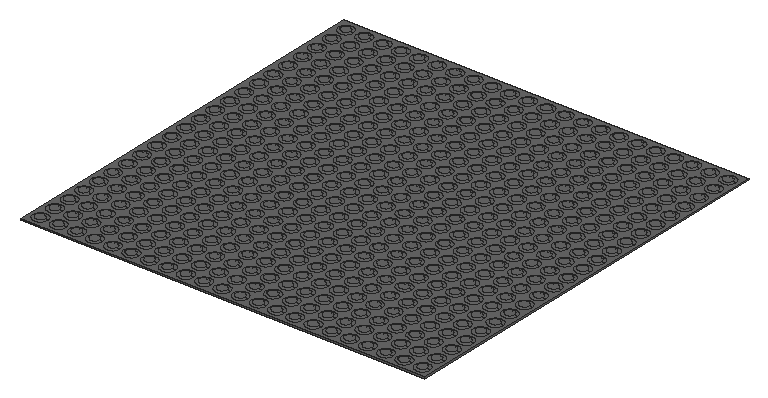
Revit family "141012027113804", category Modelos genéricos, Revit 2018 (continued)
Forms (mm)
  Blend 363, solid, material "Goma negro" <- "Material"
    base sketch origin (-226.184, 554.773, 0) x (1, 0, 0) y (0, 1, 0)
      loop
        circle (793.684, -307.273) r 17.5
    top sketch origin (-226.184, 554.773, 0) x (1, 0, 0) y (0, 1, 0)
      loop
        circle (793.684, -307.273) r 12.5
    from 0 to 1
  Blend 364, solid, material "Goma negro" <- "Material"
    base sketch origin (-271.184, 554.773, 0) x (1, 0, 0) y (0, 1, 0)
      loop
        circle (793.684, -307.273) r 17.5
    top sketch origin (-271.184, 554.773, 0) x (1, 0, 0) y (0, 1, 0)
      loop
        circle (793.684, -307.273) r 12.5
    from 0 to 1
  Blend 365, solid, material "Goma negro" <- "Material"
    base sketch origin (-316.184, 554.773, 0) x (1, 0, 0) y (0, 1, 0)
      loop
        circle (793.684, -307.273) r 17.5
    top sketch origin (-316.184, 554.773, 0) x (1, 0, 0) y (0, 1, 0)
      loop
        circle (793.684, -307.273) r 12.5
    from 0 to 1
  Blend 366, solid, material "Goma negro" <- "Material"
    base sketch origin (-361.184, 554.773, 0) x (1, 0, 0) y (0, 1, 0)
      loop
        circle (793.684, -307.273) r 17.5
    top sketch origin (-361.184, 554.773, 0) x (1, 0, 0) y (0, 1, 0)
      loop
        circle (793.684, -307.273) r 12.5
    from 0 to 1
  Blend 367, solid, material "Goma negro" <- "Material"
    base sketch origin (-406.184, 554.773, 0) x (1, 0, 0) y (0, 1, 0)
      loop
        circle (793.684, -307.273) r 17.5
    top sketch origin (-406.184, 554.773, 0) x (1, 0, 0) y (0, 1, 0)
      loop
        circle (793.684, -307.273) r 12.5
    from 0 to 1
  Blend 368, solid, material "Goma negro" <- "Material"
    base sketch origin (-451.184, 554.773, 0) x (1, 0, 0) y (0, 1, 0)
      loop
        circle (793.684, -307.273) r 17.5
    top sketch origin (-451.184, 554.773, 0) x (1, 0, 0) y (0, 1, 0)
      loop
        circle (793.684, -307.273) r 12.5
    from 0 to 1
  Blend 369, solid, material "Goma negro" <- "Material"
    base sketch origin (-496.184, 554.773, 0) x (1, 0, 0) y (0, 1, 0)
      loop
        circle (793.684, -307.273) r 17.5
    top sketch origin (-496.184, 554.773, 0) x (1, 0, 0) y (0, 1, 0)
      loop
        circle (793.684, -307.273) r 12.5
    from 0 to 1
  Blend 370, solid, material "Goma negro" <- "Material"
    base sketch origin (-541.184, 554.773, 0) x (1, 0, 0) y (0, 1, 0)
      loop
        circle (793.684, -307.273) r 17.5
    top sketch origin (-541.184, 554.773, 0) x (1, 0, 0) y (0, 1, 0)
      loop
        circle (793.684, -307.273) r 12.5
    from 0 to 1
  Blend 371, solid, material "Goma negro" <- "Material"
    base sketch origin (-586.184, 554.773, 0) x (1, 0, 0) y (0, 1, 0)
      loop
        circle (793.684, -307.273) r 17.5
    top sketch origin (-586.184, 554.773, 0) x (1, 0, 0) y (0, 1, 0)
      loop
        circle (793.684, -307.273) r 12.5
    from 0 to 1
  Blend 372, solid, material "Goma negro" <- "Material"
    base sketch origin (-631.184, 554.773, 0) x (1, 0, 0) y (0, 1, 0)
      loop
        circle (793.684, -307.273) r 17.5
    top sketch origin (-631.184, 554.773, 0) x (1, 0, 0) y (0, 1, 0)
      loop
        circle (793.684, -307.273) r 12.5
    from 0 to 1
  Blend 373, solid, material "Goma negro" <- "Material"
    base sketch origin (-676.184, 554.773, 0) x (1, 0, 0) y (0, 1, 0)
      loop
        circle (793.684, -307.273) r 17.5
    top sketch origin (-676.184, 554.773, 0) x (1, 0, 0) y (0, 1, 0)
      loop
        circle (793.684, -307.273) r 12.5
    from 0 to 1
  Blend 374, solid, material "Goma negro" <- "Material"
    base sketch origin (-721.184, 554.773, 0) x (1, 0, 0) y (0, 1, 0)
      loop
        circle (793.684, -307.273) r 17.5
    top sketch origin (-721.184, 554.773, 0) x (1, 0, 0) y (0, 1, 0)
      loop
        circle (793.684, -307.273) r 12.5
    from 0 to 1
  Blend 375, solid, material "Goma negro" <- "Material"
    base sketch origin (-766.184, 554.773, 0) x (1, 0, 0) y (0, 1, 0)
      loop
        circle (793.684, -307.273) r 17.5
    top sketch origin (-766.184, 554.773, 0) x (1, 0, 0) y (0, 1, 0)
      loop
        circle (793.684, -307.273) r 12.5
    from 0 to 1
  Blend 376, solid, material "Goma negro" <- "Material"
    base sketch origin (178.816, 599.773, 0) x (1, 0, 0) y (0, 1, 0)
      loop
        circle (793.684, -307.273) r 17.5
    top sketch origin (178.816, 599.773, 0) x (1, 0, 0) y (0, 1, 0)
      loop
        circle (793.684, -307.273) r 12.5
    from 0 to 1
  Blend 377, solid, material "Goma negro" <- "Material"
    base sketch origin (133.816, 599.773, 0) x (1, 0, 0) y (0, 1, 0)
      loop
        circle (793.684, -307.273) r 17.5
    top sketch origin (133.816, 599.773, 0) x (1, 0, 0) y (0, 1, 0)
      loop
        circle (793.684, -307.273) r 12.5
    from 0 to 1
  Blend 378, solid, material "Goma negro" <- "Material"
    base sketch origin (88.816, 599.773, 0) x (1, 0, 0) y (0, 1, 0)
      loop
        circle (793.684, -307.273) r 17.5
    top sketch origin (88.816, 599.773, 0) x (1, 0, 0) y (0, 1, 0)
      loop
        circle (793.684, -307.273) r 12.5
    from 0 to 1
  Blend 379, solid, material "Goma negro" <- "Material"
    base sketch origin (43.816, 599.773, 0) x (1, 0, 0) y (0, 1, 0)
      loop
        circle (793.684, -307.273) r 17.5
    top sketch origin (43.816, 599.773, 0) x (1, 0, 0) y (0, 1, 0)
      loop
        circle (793.684, -307.273) r 12.5
    from 0 to 1
  Blend 380, solid, material "Goma negro" <- "Material"
    base sketch origin (-1.184, 599.773, 0) x (1, 0, 0) y (0, 1, 0)
      loop
        circle (793.684, -307.273) r 17.5
    top sketch origin (-1.184, 599.773, 0) x (1, 0, 0) y (0, 1, 0)
      loop
        circle (793.684, -307.273) r 12.5
    from 0 to 1
  Blend 381, solid, material "Goma negro" <- "Material"
    base sketch origin (-46.184, 599.773, 0) x (1, 0, 0) y (0, 1, 0)
      loop
        circle (793.684, -307.273) r 17.5
    top sketch origin (-46.184, 599.773, 0) x (1, 0, 0) y (0, 1, 0)
      loop
        circle (793.684, -307.273) r 12.5
    from 0 to 1
  Blend 382, solid, material "Goma negro" <- "Material"
    base sketch origin (-91.184, 599.773, 0) x (1, 0, 0) y (0, 1, 0)
      loop
        circle (793.684, -307.273) r 17.5
    top sketch origin (-91.184, 599.773, 0) x (1, 0, 0) y (0, 1, 0)
      loop
        circle (793.684, -307.273) r 12.5
    from 0 to 1
  Blend 383, solid, material "Goma negro" <- "Material"
    base sketch origin (-136.184, 599.773, 0) x (1, 0, 0) y (0, 1, 0)
      loop
        circle (793.684, -307.273) r 17.5
    top sketch origin (-136.184, 599.773, 0) x (1, 0, 0) y (0, 1, 0)
      loop
        circle (793.684, -307.273) r 12.5
    from 0 to 1
  Blend 384, solid, material "Goma negro" <- "Material"
    base sketch origin (-181.184, 599.773, 0) x (1, 0, 0) y (0, 1, 0)
      loop
        circle (793.684, -307.273) r 17.5
    top sketch origin (-181.184, 599.773, 0) x (1, 0, 0) y (0, 1, 0)
      loop
        circle (793.684, -307.273) r 12.5
    from 0 to 1
  Blend 385, solid, material "Goma negro" <- "Material"
    base sketch origin (-226.184, 599.773, 0) x (1, 0, 0) y (0, 1, 0)
      loop
        circle (793.684, -307.273) r 17.5
    top sketch origin (-226.184, 599.773, 0) x (1, 0, 0) y (0, 1, 0)
      loop
        circle (793.684, -307.273) r 12.5
    from 0 to 1
  Blend 386, solid, material "Goma negro" <- "Material"
    base sketch origin (-271.184, 599.773, 0) x (1, 0, 0) y (0, 1, 0)
      loop
        circle (793.684, -307.273) r 17.5
    top sketch origin (-271.184, 599.773, 0) x (1, 0, 0) y (0, 1, 0)
      loop
        circle (793.684, -307.273) r 12.5
    from 0 to 1
  Blend 387, solid, material "Goma negro" <- "Material"
    base sketch origin (-316.184, 599.773, 0) x (1, 0, 0) y (0, 1, 0)
      loop
        circle (793.684, -307.273) r 17.5
    top sketch origin (-316.184, 599.773, 0) x (1, 0, 0) y (0, 1, 0)
      loop
        circle (793.684, -307.273) r 12.5
    from 0 to 1
  Blend 388, solid, material "Goma negro" <- "Material"
    base sketch origin (-361.184, 599.773, 0) x (1, 0, 0) y (0, 1, 0)
      loop
        circle (793.684, -307.273) r 17.5
    top sketch origin (-361.184, 599.773, 0) x (1, 0, 0) y (0, 1, 0)
      loop
        circle (793.684, -307.273) r 12.5
    from 0 to 1
  Blend 389, solid, material "Goma negro" <- "Material"
    base sketch origin (-406.184, 599.773, 0) x (1, 0, 0) y (0, 1, 0)
      loop
        circle (793.684, -307.273) r 17.5
    top sketch origin (-406.184, 599.773, 0) x (1, 0, 0) y (0, 1, 0)
      loop
        circle (793.684, -307.273) r 12.5
    from 0 to 1
  Blend 390, solid, material "Goma negro" <- "Material"
    base sketch origin (-451.184, 599.773, 0) x (1, 0, 0) y (0, 1, 0)
      loop
        circle (793.684, -307.273) r 17.5
    top sketch origin (-451.184, 599.773, 0) x (1, 0, 0) y (0, 1, 0)
      loop
        circle (793.684, -307.273) r 12.5
    from 0 to 1
  Blend 391, solid, material "Goma negro" <- "Material"
    base sketch origin (-496.184, 599.773, 0) x (1, 0, 0) y (0, 1, 0)
      loop
        circle (793.684, -307.273) r 17.5
    top sketch origin (-496.184, 599.773, 0) x (1, 0, 0) y (0, 1, 0)
      loop
        circle (793.684, -307.273) r 12.5
    from 0 to 1
  Blend 392, solid, material "Goma negro" <- "Material"
    base sketch origin (-541.184, 599.773, 0) x (1, 0, 0) y (0, 1, 0)
      loop
        circle (793.684, -307.273) r 17.5
    top sketch origin (-541.184, 599.773, 0) x (1, 0, 0) y (0, 1, 0)
      loop
        circle (793.684, -307.273) r 12.5
    from 0 to 1
  Blend 393, solid, material "Goma negro" <- "Material"
    base sketch origin (-586.184, 599.773, 0) x (1, 0, 0) y (0, 1, 0)
      loop
        circle (793.684, -307.273) r 17.5
    top sketch origin (-586.184, 599.773, 0) x (1, 0, 0) y (0, 1, 0)
      loop
        circle (793.684, -307.273) r 12.5
    from 0 to 1
  Blend 394, solid, material "Goma negro" <- "Material"
    base sketch origin (-631.184, 599.773, 0) x (1, 0, 0) y (0, 1, 0)
      loop
        circle (793.684, -307.273) r 17.5
    top sketch origin (-631.184, 599.773, 0) x (1, 0, 0) y (0, 1, 0)
      loop
        circle (793.684, -307.273) r 12.5
    from 0 to 1
  Blend 395, solid, material "Goma negro" <- "Material"
    base sketch origin (-676.184, 599.773, 0) x (1, 0, 0) y (0, 1, 0)
      loop
        circle (793.684, -307.273) r 17.5
    top sketch origin (-676.184, 599.773, 0) x (1, 0, 0) y (0, 1, 0)
      loop
        circle (793.684, -307.273) r 12.5
    from 0 to 1
  Blend 396, solid, material "Goma negro" <- "Material"
    base sketch origin (-721.184, 599.773, 0) x (1, 0, 0) y (0, 1, 0)
      loop
        circle (793.684, -307.273) r 17.5
    top sketch origin (-721.184, 599.773, 0) x (1, 0, 0) y (0, 1, 0)
      loop
        circle (793.684, -307.273) r 12.5
    from 0 to 1
  Blend 397, solid, material "Goma negro" <- "Material"
    base sketch origin (-766.184, 599.773, 0) x (1, 0, 0) y (0, 1, 0)
      loop
        circle (793.684, -307.273) r 17.5
    top sketch origin (-766.184, 599.773, 0) x (1, 0, 0) y (0, 1, 0)
      loop
        circle (793.684, -307.273) r 12.5
    from 0 to 1
  Blend 398, solid, material "Goma negro" <- "Material"
    base sketch origin (178.816, 644.773, 0) x (1, 0, 0) y (0, 1, 0)
      loop
        circle (793.684, -307.273) r 17.5
    top sketch origin (178.816, 644.773, 0) x (1, 0, 0) y (0, 1, 0)
      loop
        circle (793.684, -307.273) r 12.5
    from 0 to 1
  Blend 399, solid, material "Goma negro" <- "Material"
    base sketch origin (133.816, 644.773, 0) x (1, 0, 0) y (0, 1, 0)
      loop
        circle (793.684, -307.273) r 17.5
    top sketch origin (133.816, 644.773, 0) x (1, 0, 0) y (0, 1, 0)
      loop
        circle (793.684, -307.273) r 12.5
    from 0 to 1
  Blend 400, solid, material "Goma negro" <- "Material"
    base sketch origin (88.816, 644.773, 0) x (1, 0, 0) y (0, 1, 0)
      loop
        circle (793.684, -307.273) r 17.5
    top sketch origin (88.816, 644.773, 0) x (1, 0, 0) y (0, 1, 0)
      loop
        circle (793.684, -307.273) r 12.5
    from 0 to 1
  Blend 401, solid, material "Goma negro" <- "Material"
    base sketch origin (43.816, 644.773, 0) x (1, 0, 0) y (0, 1, 0)
      loop
        circle (793.684, -307.273) r 17.5
    top sketch origin (43.816, 644.773, 0) x (1, 0, 0) y (0, 1, 0)
      loop
        circle (793.684, -307.273) r 12.5
    from 0 to 1
  Blend 402, solid, material "Goma negro" <- "Material"
    base sketch origin (-1.184, 644.773, 0) x (1, 0, 0) y (0, 1, 0)
      loop
        circle (793.684, -307.273) r 17.5
    top sketch origin (-1.184, 644.773, 0) x (1, 0, 0) y (0, 1, 0)
      loop
        circle (793.684, -307.273) r 12.5
    from 0 to 1
  Blend 403, solid, material "Goma negro" <- "Material"
    base sketch origin (-46.184, 644.773, 0) x (1, 0, 0) y (0, 1, 0)
      loop
        circle (793.684, -307.273) r 17.5
    top sketch origin (-46.184, 644.773, 0) x (1, 0, 0) y (0, 1, 0)
      loop
        circle (793.684, -307.273) r 12.5
    from 0 to 1
  Blend 404, solid, material "Goma negro" <- "Material"
    base sketch origin (-91.184, 644.773, 0) x (1, 0, 0) y (0, 1, 0)
      loop
        circle (793.684, -307.273) r 17.5
    top sketch origin (-91.184, 644.773, 0) x (1, 0, 0) y (0, 1, 0)
      loop
        circle (793.684, -307.273) r 12.5
    from 0 to 1
  Blend 405, solid, material "Goma negro" <- "Material"
    base sketch origin (-136.184, 644.773, 0) x (1, 0, 0) y (0, 1, 0)
      loop
        circle (793.684, -307.273) r 17.5
    top sketch origin (-136.184, 644.773, 0) x (1, 0, 0) y (0, 1, 0)
      loop
        circle (793.684, -307.273) r 12.5
    from 0 to 1
  Blend 406, solid, material "Goma negro" <- "Material"
    base sketch origin (-181.184, 644.773, 0) x (1, 0, 0) y (0, 1, 0)
      loop
        circle (793.684, -307.273) r 17.5
    top sketch origin (-181.184, 644.773, 0) x (1, 0, 0) y (0, 1, 0)
      loop
        circle (793.684, -307.273) r 12.5
    from 0 to 1
  Blend 407, solid, material "Goma negro" <- "Material"
    base sketch origin (-226.184, 644.773, 0) x (1, 0, 0) y (0, 1, 0)
      loop
        circle (793.684, -307.273) r 17.5
    top sketch origin (-226.184, 644.773, 0) x (1, 0, 0) y (0, 1, 0)
      loop
        circle (793.684, -307.273) r 12.5
    from 0 to 1
  Blend 408, solid, material "Goma negro" <- "Material"
    base sketch origin (-271.184, 644.773, 0) x (1, 0, 0) y (0, 1, 0)
      loop
        circle (793.684, -307.273) r 17.5
    top sketch origin (-271.184, 644.773, 0) x (1, 0, 0) y (0, 1, 0)
      loop
        circle (793.684, -307.273) r 12.5
    from 0 to 1
  Blend 409, solid, material "Goma negro" <- "Material"
    base sketch origin (-316.184, 644.773, 0) x (1, 0, 0) y (0, 1, 0)
      loop
        circle (793.684, -307.273) r 17.5
    top sketch origin (-316.184, 644.773, 0) x (1, 0, 0) y (0, 1, 0)
      loop
        circle (793.684, -307.273) r 12.5
    from 0 to 1
  Blend 410, solid, material "Goma negro" <- "Material"
    base sketch origin (-361.184, 644.773, 0) x (1, 0, 0) y (0, 1, 0)
      loop
        circle (793.684, -307.273) r 17.5
    top sketch origin (-361.184, 644.773, 0) x (1, 0, 0) y (0, 1, 0)
      loop
        circle (793.684, -307.273) r 12.5
    from 0 to 1
  Blend 411, solid, material "Goma negro" <- "Material"
    base sketch origin (-406.184, 644.773, 0) x (1, 0, 0) y (0, 1, 0)
      loop
        circle (793.684, -307.273) r 17.5
    top sketch origin (-406.184, 644.773, 0) x (1, 0, 0) y (0, 1, 0)
      loop
        circle (793.684, -307.273) r 12.5
    from 0 to 1
  Blend 412, solid, material "Goma negro" <- "Material"
    base sketch origin (-451.184, 644.773, 0) x (1, 0, 0) y (0, 1, 0)
      loop
        circle (793.684, -307.273) r 17.5
    top sketch origin (-451.184, 644.773, 0) x (1, 0, 0) y (0, 1, 0)
      loop
        circle (793.684, -307.273) r 12.5
    from 0 to 1
  Blend 413, solid, material "Goma negro" <- "Material"
    base sketch origin (-496.184, 644.773, 0) x (1, 0, 0) y (0, 1, 0)
      loop
        circle (793.684, -307.273) r 17.5
    top sketch origin (-496.184, 644.773, 0) x (1, 0, 0) y (0, 1, 0)
      loop
        circle (793.684, -307.273) r 12.5
    from 0 to 1
  Blend 414, solid, material "Goma negro" <- "Material"
    base sketch origin (-541.184, 644.773, 0) x (1, 0, 0) y (0, 1, 0)
      loop
        circle (793.684, -307.273) r 17.5
    top sketch origin (-541.184, 644.773, 0) x (1, 0, 0) y (0, 1, 0)
      loop
        circle (793.684, -307.273) r 12.5
    from 0 to 1
  Blend 415, solid, material "Goma negro" <- "Material"
    base sketch origin (-586.184, 644.773, 0) x (1, 0, 0) y (0, 1, 0)
      loop
        circle (793.684, -307.273) r 17.5
    top sketch origin (-586.184, 644.773, 0) x (1, 0, 0) y (0, 1, 0)
      loop
        circle (793.684, -307.273) r 12.5
    from 0 to 1
  Blend 416, solid, material "Goma negro" <- "Material"
    base sketch origin (-631.184, 644.773, 0) x (1, 0, 0) y (0, 1, 0)
      loop
        circle (793.684, -307.273) r 17.5
    top sketch origin (-631.184, 644.773, 0) x (1, 0, 0) y (0, 1, 0)
      loop
        circle (793.684, -307.273) r 12.5
    from 0 to 1
  Blend 417, solid, material "Goma negro" <- "Material"
    base sketch origin (-676.184, 644.773, 0) x (1, 0, 0) y (0, 1, 0)
      loop
        circle (793.684, -307.273) r 17.5
    top sketch origin (-676.184, 644.773, 0) x (1, 0, 0) y (0, 1, 0)
      loop
        circle (793.684, -307.273) r 12.5
    from 0 to 1
  Blend 418, solid, material "Goma negro" <- "Material"
    base sketch origin (-721.184, 644.773, 0) x (1, 0, 0) y (0, 1, 0)
      loop
        circle (793.684, -307.273) r 17.5
    top sketch origin (-721.184, 644.773, 0) x (1, 0, 0) y (0, 1, 0)
      loop
        circle (793.684, -307.273) r 12.5
    from 0 to 1
  Blend 419, solid, material "Goma negro" <- "Material"
    base sketch origin (-766.184, 644.773, 0) x (1, 0, 0) y (0, 1, 0)
      loop
        circle (793.684, -307.273) r 17.5
    top sketch origin (-766.184, 644.773, 0) x (1, 0, 0) y (0, 1, 0)
      loop
        circle (793.684, -307.273) r 12.5
    from 0 to 1
  Blend 420, solid, material "Goma negro" <- "Material"
    base sketch origin (178.816, 689.773, 0) x (1, 0, 0) y (0, 1, 0)
      loop
        circle (793.684, -307.273) r 17.5
    top sketch origin (178.816, 689.773, 0) x (1, 0, 0) y (0, 1, 0)
      loop
        circle (793.684, -307.273) r 12.5
    from 0 to 1
  Blend 421, solid, material "Goma negro" <- "Material"
    base sketch origin (133.816, 689.773, 0) x (1, 0, 0) y (0, 1, 0)
      loop
        circle (793.684, -307.273) r 17.5
    top sketch origin (133.816, 689.773, 0) x (1, 0, 0) y (0, 1, 0)
      loop
        circle (793.684, -307.273) r 12.5
    from 0 to 1
  Blend 422, solid, material "Goma negro" <- "Material"
    base sketch origin (88.816, 689.773, 0) x (1, 0, 0) y (0, 1, 0)
      loop
        circle (793.684, -307.273) r 17.5
    top sketch origin (88.816, 689.773, 0) x (1, 0, 0) y (0, 1, 0)
      loop
        circle (793.684, -307.273) r 12.5
    from 0 to 1
  Blend 423, solid, material "Goma negro" <- "Material"
    base sketch origin (43.816, 689.773, 0) x (1, 0, 0) y (0, 1, 0)
      loop
        circle (793.684, -307.273) r 17.5
    top sketch origin (43.816, 689.773, 0) x (1, 0, 0) y (0, 1, 0)
      loop
        circle (793.684, -307.273) r 12.5
    from 0 to 1
  Blend 424, solid, material "Goma negro" <- "Material"
    base sketch origin (-1.184, 689.773, 0) x (1, 0, 0) y (0, 1, 0)
      loop
        circle (793.684, -307.273) r 17.5
    top sketch origin (-1.184, 689.773, 0) x (1, 0, 0) y (0, 1, 0)
      loop
        circle (793.684, -307.273) r 12.5
    from 0 to 1
  Blend 425, solid, material "Goma negro" <- "Material"
    base sketch origin (-46.184, 689.773, 0) x (1, 0, 0) y (0, 1, 0)
      loop
        circle (793.684, -307.273) r 17.5
    top sketch origin (-46.184, 689.773, 0) x (1, 0, 0) y (0, 1, 0)
      loop
        circle (793.684, -307.273) r 12.5
    from 0 to 1
  Blend 426, solid, material "Goma negro" <- "Material"
    base sketch origin (-91.184, 689.773, 0) x (1, 0, 0) y (0, 1, 0)
      loop
        circle (793.684, -307.273) r 17.5
    top sketch origin (-91.184, 689.773, 0) x (1, 0, 0) y (0, 1, 0)
      loop
        circle (793.684, -307.273) r 12.5
    from 0 to 1
  Blend 427, solid, material "Goma negro" <- "Material"
    base sketch origin (-136.184, 689.773, 0) x (1, 0, 0) y (0, 1, 0)
      loop
        circle (793.684, -307.273) r 17.5
    top sketch origin (-136.184, 689.773, 0) x (1, 0, 0) y (0, 1, 0)
      loop
        circle (793.684, -307.273) r 12.5
    from 0 to 1
  Blend 428, solid, material "Goma negro" <- "Material"
    base sketch origin (-181.184, 689.773, 0) x (1, 0, 0) y (0, 1, 0)
      loop
        circle (793.684, -307.273) r 17.5
    top sketch origin (-181.184, 689.773, 0) x (1, 0, 0) y (0, 1, 0)
      loop
        circle (793.684, -307.273) r 12.5
    from 0 to 1
  Blend 429, solid, material "Goma negro" <- "Material"
    base sketch origin (-226.184, 689.773, 0) x (1, 0, 0) y (0, 1, 0)
      loop
        circle (793.684, -307.273) r 17.5
    top sketch origin (-226.184, 689.773, 0) x (1, 0, 0) y (0, 1, 0)
      loop
        circle (793.684, -307.273) r 12.5
    from 0 to 1
  Blend 430, solid, material "Goma negro" <- "Material"
    base sketch origin (-271.184, 689.773, 0) x (1, 0, 0) y (0, 1, 0)
      loop
        circle (793.684, -307.273) r 17.5
    top sketch origin (-271.184, 689.773, 0) x (1, 0, 0) y (0, 1, 0)
      loop
        circle (793.684, -307.273) r 12.5
    from 0 to 1
  Blend 431, solid, material "Goma negro" <- "Material"
    base sketch origin (-316.184, 689.773, 0) x (1, 0, 0) y (0, 1, 0)
      loop
        circle (793.684, -307.273) r 17.5
    top sketch origin (-316.184, 689.773, 0) x (1, 0, 0) y (0, 1, 0)
      loop
        circle (793.684, -307.273) r 12.5
    from 0 to 1
  Blend 432, solid, material "Goma negro" <- "Material"
    base sketch origin (-361.184, 689.773, 0) x (1, 0, 0) y (0, 1, 0)
      loop
        circle (793.684, -307.273) r 17.5
    top sketch origin (-361.184, 689.773, 0) x (1, 0, 0) y (0, 1, 0)
      loop
        circle (793.684, -307.273) r 12.5
    from 0 to 1
  Blend 433, solid, material "Goma negro" <- "Material"
    base sketch origin (-406.184, 689.773, 0) x (1, 0, 0) y (0, 1, 0)
      loop
        circle (793.684, -307.273) r 17.5
    top sketch origin (-406.184, 689.773, 0) x (1, 0, 0) y (0, 1, 0)
      loop
        circle (793.684, -307.273) r 12.5
    from 0 to 1
  Blend 434, solid, material "Goma negro" <- "Material"
    base sketch origin (-451.184, 689.773, 0) x (1, 0, 0) y (0, 1, 0)
      loop
        circle (793.684, -307.273) r 17.5
    top sketch origin (-451.184, 689.773, 0) x (1, 0, 0) y (0, 1, 0)
      loop
        circle (793.684, -307.273) r 12.5
    from 0 to 1
  Blend 435, solid, material "Goma negro" <- "Material"
    base sketch origin (-496.184, 689.773, 0) x (1, 0, 0) y (0, 1, 0)
      loop
        circle (793.684, -307.273) r 17.5
    top sketch origin (-496.184, 689.773, 0) x (1, 0, 0) y (0, 1, 0)
      loop
        circle (793.684, -307.273) r 12.5
    from 0 to 1
  Blend 436, solid, material "Goma negro" <- "Material"
    base sketch origin (-541.184, 689.773, 0) x (1, 0, 0) y (0, 1, 0)
      loop
        circle (793.684, -307.273) r 17.5
    top sketch origin (-541.184, 689.773, 0) x (1, 0, 0) y (0, 1, 0)
      loop
        circle (793.684, -307.273) r 12.5
    from 0 to 1
  Blend 437, solid, material "Goma negro" <- "Material"
    base sketch origin (-586.184, 689.773, 0) x (1, 0, 0) y (0, 1, 0)
      loop
        circle (793.684, -307.273) r 17.5
    top sketch origin (-586.184, 689.773, 0) x (1, 0, 0) y (0, 1, 0)
      loop
        circle (793.684, -307.273) r 12.5
    from 0 to 1
  Blend 438, solid, material "Goma negro" <- "Material"
    base sketch origin (-631.184, 689.773, 0) x (1, 0, 0) y (0, 1, 0)
      loop
        circle (793.684, -307.273) r 17.5
    top sketch origin (-631.184, 689.773, 0) x (1, 0, 0) y (0, 1, 0)
      loop
        circle (793.684, -307.273) r 12.5
    from 0 to 1
  Blend 439, solid, material "Goma negro" <- "Material"
    base sketch origin (-676.184, 689.773, 0) x (1, 0, 0) y (0, 1, 0)
      loop
        circle (793.684, -307.273) r 17.5
    top sketch origin (-676.184, 689.773, 0) x (1, 0, 0) y (0, 1, 0)
      loop
        circle (793.684, -307.273) r 12.5
    from 0 to 1
  Blend 440, solid, material "Goma negro" <- "Material"
    base sketch origin (-721.184, 689.773, 0) x (1, 0, 0) y (0, 1, 0)
      loop
        circle (793.684, -307.273) r 17.5
    top sketch origin (-721.184, 689.773, 0) x (1, 0, 0) y (0, 1, 0)
      loop
        circle (793.684, -307.273) r 12.5
    from 0 to 1
  Blend 441, solid, material "Goma negro" <- "Material"
    base sketch origin (-766.184, 689.773, 0) x (1, 0, 0) y (0, 1, 0)
      loop
        circle (793.684, -307.273) r 17.5
    top sketch origin (-766.184, 689.773, 0) x (1, 0, 0) y (0, 1, 0)
      loop
        circle (793.684, -307.273) r 12.5
    from 0 to 1
  Blend 442, solid, material "Goma negro" <- "Material"
    base sketch origin (178.816, 734.773, 0) x (1, 0, 0) y (0, 1, 0)
      loop
        circle (793.684, -307.273) r 17.5
    top sketch origin (178.816, 734.773, 0) x (1, 0, 0) y (0, 1, 0)
      loop
        circle (793.684, -307.273) r 12.5
    from 0 to 1
  Blend 443, solid, material "Goma negro" <- "Material"
    base sketch origin (133.816, 734.773, 0) x (1, 0, 0) y (0, 1, 0)
      loop
        circle (793.684, -307.273) r 17.5
    top sketch origin (133.816, 734.773, 0) x (1, 0, 0) y (0, 1, 0)
      loop
        circle (793.684, -307.273) r 12.5
    from 0 to 1
  Blend 444, solid, material "Goma negro" <- "Material"
    base sketch origin (88.816, 734.773, 0) x (1, 0, 0) y (0, 1, 0)
      loop
        circle (793.684, -307.273) r 17.5
    top sketch origin (88.816, 734.773, 0) x (1, 0, 0) y (0, 1, 0)
      loop
        circle (793.684, -307.273) r 12.5
    from 0 to 1
  Blend 445, solid, material "Goma negro" <- "Material"
    base sketch origin (43.816, 734.773, 0) x (1, 0, 0) y (0, 1, 0)
      loop
        circle (793.684, -307.273) r 17.5
    top sketch origin (43.816, 734.773, 0) x (1, 0, 0) y (0, 1, 0)
      loop
        circle (793.684, -307.273) r 12.5
    from 0 to 1
  Blend 446, solid, material "Goma negro" <- "Material"
    base sketch origin (-1.184, 734.773, 0) x (1, 0, 0) y (0, 1, 0)
      loop
        circle (793.684, -307.273) r 17.5
    top sketch origin (-1.184, 734.773, 0) x (1, 0, 0) y (0, 1, 0)
      loop
        circle (793.684, -307.273) r 12.5
    from 0 to 1
  Blend 447, solid, material "Goma negro" <- "Material"
    base sketch origin (-46.184, 734.773, 0) x (1, 0, 0) y (0, 1, 0)
      loop
        circle (793.684, -307.273) r 17.5
    top sketch origin (-46.184, 734.773, 0) x (1, 0, 0) y (0, 1, 0)
      loop
        circle (793.684, -307.273) r 12.5
    from 0 to 1
  Blend 448, solid, material "Goma negro" <- "Material"
    base sketch origin (-91.184, 734.773, 0) x (1, 0, 0) y (0, 1, 0)
      loop
        circle (793.684, -307.273) r 17.5
    top sketch origin (-91.184, 734.773, 0) x (1, 0, 0) y (0, 1, 0)
      loop
        circle (793.684, -307.273) r 12.5
    from 0 to 1
  Blend 449, solid, material "Goma negro" <- "Material"
    base sketch origin (-136.184, 734.773, 0) x (1, 0, 0) y (0, 1, 0)
      loop
        circle (793.684, -307.273) r 17.5
    top sketch origin (-136.184, 734.773, 0) x (1, 0, 0) y (0, 1, 0)
      loop
        circle (793.684, -307.273) r 12.5
    from 0 to 1
  Blend 450, solid, material "Goma negro" <- "Material"
    base sketch origin (-181.184, 734.773, 0) x (1, 0, 0) y (0, 1, 0)
      loop
        circle (793.684, -307.273) r 17.5
    top sketch origin (-181.184, 734.773, 0) x (1, 0, 0) y (0, 1, 0)
      loop
        circle (793.684, -307.273) r 12.5
    from 0 to 1
  Blend 451, solid, material "Goma negro" <- "Material"
    base sketch origin (-226.184, 734.773, 0) x (1, 0, 0) y (0, 1, 0)
      loop
        circle (793.684, -307.273) r 17.5
    top sketch origin (-226.184, 734.773, 0) x (1, 0, 0) y (0, 1, 0)
      loop
        circle (793.684, -307.273) r 12.5
    from 0 to 1
  Blend 452, solid, material "Goma negro" <- "Material"
    base sketch origin (-271.184, 734.773, 0) x (1, 0, 0) y (0, 1, 0)
      loop
        circle (793.684, -307.273) r 17.5
    top sketch origin (-271.184, 734.773, 0) x (1, 0, 0) y (0, 1, 0)
      loop
        circle (793.684, -307.273) r 12.5
    from 0 to 1
  Blend 453, solid, material "Goma negro" <- "Material"
    base sketch origin (-316.184, 734.773, 0) x (1, 0, 0) y (0, 1, 0)
      loop
        circle (793.684, -307.273) r 17.5
    top sketch origin (-316.184, 734.773, 0) x (1, 0, 0) y (0, 1, 0)
      loop
        circle (793.684, -307.273) r 12.5
    from 0 to 1
  Blend 454, solid, material "Goma negro" <- "Material"
    base sketch origin (-361.184, 734.773, 0) x (1, 0, 0) y (0, 1, 0)
      loop
        circle (793.684, -307.273) r 17.5
    top sketch origin (-361.184, 734.773, 0) x (1, 0, 0) y (0, 1, 0)
      loop
        circle (793.684, -307.273) r 12.5
    from 0 to 1
  Blend 455, solid, material "Goma negro" <- "Material"
    base sketch origin (-406.184, 734.773, 0) x (1, 0, 0) y (0, 1, 0)
      loop
        circle (793.684, -307.273) r 17.5
    top sketch origin (-406.184, 734.773, 0) x (1, 0, 0) y (0, 1, 0)
      loop
        circle (793.684, -307.273) r 12.5
    from 0 to 1
  Blend 456, solid, material "Goma negro" <- "Material"
    base sketch origin (-451.184, 734.773, 0) x (1, 0, 0) y (0, 1, 0)
      loop
        circle (793.684, -307.273) r 17.5
    top sketch origin (-451.184, 734.773, 0) x (1, 0, 0) y (0, 1, 0)
      loop
        circle (793.684, -307.273) r 12.5
    from 0 to 1
  Blend 457, solid, material "Goma negro" <- "Material"
    base sketch origin (-496.184, 734.773, 0) x (1, 0, 0) y (0, 1, 0)
      loop
        circle (793.684, -307.273) r 17.5
    top sketch origin (-496.184, 734.773, 0) x (1, 0, 0) y (0, 1, 0)
      loop
        circle (793.684, -307.273) r 12.5
    from 0 to 1
  Blend 458, solid, material "Goma negro" <- "Material"
    base sketch origin (-541.184, 734.773, 0) x (1, 0, 0) y (0, 1, 0)
      loop
        circle (793.684, -307.273) r 17.5
    top sketch origin (-541.184, 734.773, 0) x (1, 0, 0) y (0, 1, 0)
      loop
        circle (793.684, -307.273) r 12.5
    from 0 to 1
  Blend 459, solid, material "Goma negro" <- "Material"
    base sketch origin (-586.184, 734.773, 0) x (1, 0, 0) y (0, 1, 0)
      loop
        circle (793.684, -307.273) r 17.5
    top sketch origin (-586.184, 734.773, 0) x (1, 0, 0) y (0, 1, 0)
      loop
        circle (793.684, -307.273) r 12.5
    from 0 to 1
  Blend 460, solid, material "Goma negro" <- "Material"
    base sketch origin (-631.184, 734.773, 0) x (1, 0, 0) y (0, 1, 0)
      loop
        circle (793.684, -307.273) r 17.5
    top sketch origin (-631.184, 734.773, 0) x (1, 0, 0) y (0, 1, 0)
      loop
        circle (793.684, -307.273) r 12.5
    from 0 to 1
  Blend 461, solid, material "Goma negro" <- "Material"
    base sketch origin (-676.184, 734.773, 0) x (1, 0, 0) y (0, 1, 0)
      loop
        circle (793.684, -307.273) r 17.5
    top sketch origin (-676.184, 734.773, 0) x (1, 0, 0) y (0, 1, 0)
      loop
        circle (793.684, -307.273) r 12.5
    from 0 to 1
  Blend 462, solid, material "Goma negro" <- "Material"
    base sketch origin (-721.184, 734.773, 0) x (1, 0, 0) y (0, 1, 0)
      loop
        circle (793.684, -307.273) r 17.5
    top sketch origin (-721.184, 734.773, 0) x (1, 0, 0) y (0, 1, 0)
      loop
        circle (793.684, -307.273) r 12.5
    from 0 to 1
  Blend 463, solid, material "Goma negro" <- "Material"
    base sketch origin (-766.184, 734.773, 0) x (1, 0, 0) y (0, 1, 0)
      loop
        circle (793.684, -307.273) r 17.5
    top sketch origin (-766.184, 734.773, 0) x (1, 0, 0) y (0, 1, 0)
      loop
        circle (793.684, -307.273) r 12.5
    from 0 to 1
  Blend 464, solid, material "Goma negro" <- "Material"
    base sketch origin (178.816, 779.773, 0) x (1, 0, 0) y (0, 1, 0)
      loop
        circle (793.684, -307.273) r 17.5
    top sketch origin (178.816, 779.773, 0) x (1, 0, 0) y (0, 1, 0)
      loop
        circle (793.684, -307.273) r 12.5
    from 0 to 1
  Blend 465, solid, material "Goma negro" <- "Material"
    base sketch origin (133.816, 779.773, 0) x (1, 0, 0) y (0, 1, 0)
      loop
        circle (793.684, -307.273) r 17.5
    top sketch origin (133.816, 779.773, 0) x (1, 0, 0) y (0, 1, 0)
      loop
        circle (793.684, -307.273) r 12.5
    from 0 to 1
  Blend 466, solid, material "Goma negro" <- "Material"
    base sketch origin (88.816, 779.773, 0) x (1, 0, 0) y (0, 1, 0)
      loop
        circle (793.684, -307.273) r 17.5
    top sketch origin (88.816, 779.773, 0) x (1, 0, 0) y (0, 1, 0)
      loop
        circle (793.684, -307.273) r 12.5
    from 0 to 1
  Blend 467, solid, material "Goma negro" <- "Material"
    base sketch origin (43.816, 779.773, 0) x (1, 0, 0) y (0, 1, 0)
      loop
        circle (793.684, -307.273) r 17.5
    top sketch origin (43.816, 779.773, 0) x (1, 0, 0) y (0, 1, 0)
      loop
        circle (793.684, -307.273) r 12.5
    from 0 to 1
  Blend 468, solid, material "Goma negro" <- "Material"
    base sketch origin (-1.184, 779.773, 0) x (1, 0, 0) y (0, 1, 0)
      loop
        circle (793.684, -307.273) r 17.5
    top sketch origin (-1.184, 779.773, 0) x (1, 0, 0) y (0, 1, 0)
      loop
        circle (793.684, -307.273) r 12.5
    from 0 to 1
  Blend 469, solid, material "Goma negro" <- "Material"
    base sketch origin (-46.184, 779.773, 0) x (1, 0, 0) y (0, 1, 0)
      loop
        circle (793.684, -307.273) r 17.5
    top sketch origin (-46.184, 779.773, 0) x (1, 0, 0) y (0, 1, 0)
      loop
        circle (793.684, -307.273) r 12.5
    from 0 to 1
  Blend 470, solid, material "Goma negro" <- "Material"
    base sketch origin (-91.184, 779.773, 0) x (1, 0, 0) y (0, 1, 0)
      loop
        circle (793.684, -307.273) r 17.5
    top sketch origin (-91.184, 779.773, 0) x (1, 0, 0) y (0, 1, 0)
      loop
        circle (793.684, -307.273) r 12.5
    from 0 to 1
  Blend 471, solid, material "Goma negro" <- "Material"
    base sketch origin (-136.184, 779.773, 0) x (1, 0, 0) y (0, 1, 0)
      loop
        circle (793.684, -307.273) r 17.5
    top sketch origin (-136.184, 779.773, 0) x (1, 0, 0) y (0, 1, 0)
      loop
        circle (793.684, -307.273) r 12.5
    from 0 to 1
  Blend 472, solid, material "Goma negro" <- "Material"
    base sketch origin (-181.184, 779.773, 0) x (1, 0, 0) y (0, 1, 0)
      loop
        circle (793.684, -307.273) r 17.5
    top sketch origin (-181.184, 779.773, 0) x (1, 0, 0) y (0, 1, 0)
      loop
        circle (793.684, -307.273) r 12.5
    from 0 to 1
  Blend 473, solid, material "Goma negro" <- "Material"
    base sketch origin (-226.184, 779.773, 0) x (1, 0, 0) y (0, 1, 0)
      loop
        circle (793.684, -307.273) r 17.5
    top sketch origin (-226.184, 779.773, 0) x (1, 0, 0) y (0, 1, 0)
      loop
        circle (793.684, -307.273) r 12.5
    from 0 to 1
  Blend 474, solid, material "Goma negro" <- "Material"
    base sketch origin (-271.184, 779.773, 0) x (1, 0, 0) y (0, 1, 0)
      loop
        circle (793.684, -307.273) r 17.5
    top sketch origin (-271.184, 779.773, 0) x (1, 0, 0) y (0, 1, 0)
      loop
        circle (793.684, -307.273) r 12.5
    from 0 to 1
  Blend 475, solid, material "Goma negro" <- "Material"
    base sketch origin (-316.184, 779.773, 0) x (1, 0, 0) y (0, 1, 0)
      loop
        circle (793.684, -307.273) r 17.5
    top sketch origin (-316.184, 779.773, 0) x (1, 0, 0) y (0, 1, 0)
      loop
        circle (793.684, -307.273) r 12.5
    from 0 to 1
  Blend 476, solid, material "Goma negro" <- "Material"
    base sketch origin (-361.184, 779.773, 0) x (1, 0, 0) y (0, 1, 0)
      loop
        circle (793.684, -307.273) r 17.5
    top sketch origin (-361.184, 779.773, 0) x (1, 0, 0) y (0, 1, 0)
      loop
        circle (793.684, -307.273) r 12.5
    from 0 to 1
  Blend 477, solid, material "Goma negro" <- "Material"
    base sketch origin (-406.184, 779.773, 0) x (1, 0, 0) y (0, 1, 0)
      loop
        circle (793.684, -307.273) r 17.5
    top sketch origin (-406.184, 779.773, 0) x (1, 0, 0) y (0, 1, 0)
      loop
        circle (793.684, -307.273) r 12.5
    from 0 to 1
  Blend 478, solid, material "Goma negro" <- "Material"
    base sketch origin (-451.184, 779.773, 0) x (1, 0, 0) y (0, 1, 0)
      loop
        circle (793.684, -307.273) r 17.5
    top sketch origin (-451.184, 779.773, 0) x (1, 0, 0) y (0, 1, 0)
      loop
        circle (793.684, -307.273) r 12.5
    from 0 to 1
  Blend 479, solid, material "Goma negro" <- "Material"
    base sketch origin (-496.184, 779.773, 0) x (1, 0, 0) y (0, 1, 0)
      loop
        circle (793.684, -307.273) r 17.5
    top sketch origin (-496.184, 779.773, 0) x (1, 0, 0) y (0, 1, 0)
      loop
        circle (793.684, -307.273) r 12.5
    from 0 to 1
  Blend 480, solid, material "Goma negro" <- "Material"
    base sketch origin (-541.184, 779.773, 0) x (1, 0, 0) y (0, 1, 0)
      loop
        circle (793.684, -307.273) r 17.5
    top sketch origin (-541.184, 779.773, 0) x (1, 0, 0) y (0, 1, 0)
      loop
        circle (793.684, -307.273) r 12.5
    from 0 to 1
  Blend 481, solid, material "Goma negro" <- "Material"
    base sketch origin (-586.184, 779.773, 0) x (1, 0, 0) y (0, 1, 0)
      loop
        circle (793.684, -307.273) r 17.5
    top sketch origin (-586.184, 779.773, 0) x (1, 0, 0) y (0, 1, 0)
      loop
        circle (793.684, -307.273) r 12.5
    from 0 to 1
  Blend 482, solid, material "Goma negro" <- "Material"
    base sketch origin (-631.184, 779.773, 0) x (1, 0, 0) y (0, 1, 0)
      loop
        circle (793.684, -307.273) r 17.5
    top sketch origin (-631.184, 779.773, 0) x (1, 0, 0) y (0, 1, 0)
      loop
        circle (793.684, -307.273) r 12.5
    from 0 to 1
  Blend 483, solid, material "Goma negro" <- "Material"
    base sketch origin (-676.184, 779.773, 0) x (1, 0, 0) y (0, 1, 0)
      loop
        circle (793.684, -307.273) r 17.5
    top sketch origin (-676.184, 779.773, 0) x (1, 0, 0) y (0, 1, 0)
      loop
        circle (793.684, -307.273) r 12.5
    from 0 to 1
  Blend 484, solid, material "Goma negro" <- "Material"
    base sketch origin (-721.184, 779.773, 0) x (1, 0, 0) y (0, 1, 0)
      loop
        circle (793.684, -307.273) r 17.5
    top sketch origin (-721.184, 779.773, 0) x (1, 0, 0) y (0, 1, 0)
      loop
        circle (793.684, -307.273) r 12.5
    from 0 to 1
  Blend 485, solid, material "Goma negro" <- "Material"
    base sketch origin (-766.184, 779.773, 0) x (1, 0, 0) y (0, 1, 0)
      loop
        circle (793.684, -307.273) r 17.5
    top sketch origin (-766.184, 779.773, 0) x (1, 0, 0) y (0, 1, 0)
      loop
        circle (793.684, -307.273) r 12.5
    from 0 to 1
Dimensions and locks
  level to plane 4 = 8.00 mm
  equal spacing: plane 6 "3", plane 1 "Center F/B", plane 5 "2"
  "Largo": plane 6 "3" to plane 5 "2"
  "Dimension": plane 7 to plane 3 "Center L/R"
  "Espesor": plane 2 to Extrusion 1 sketch curve
  aligned and locked: plane 6 "3" to Extrusion 1
  aligned and locked: Extrusion 1 to plane 5 "2"
  aligned and locked: Extrusion 1 sketch curve to plane 3 "Center L/R"
  aligned and locked: Extrusion 1 sketch curve to plane 7
Automatic sketch dimensions
  Blend 2 sketch curve to plane 7 = 27.50 mm  (x2)
  Blend 2 sketch curve to Blend 2 sketch curve = 17.50 mm
  Blend 2 sketch curve to Blend 2 sketch curve = 12.50 mm
  Blend 3 sketch curve to plane 7 = 72.50 mm  (x2)
  Blend 3 sketch curve to Blend 3 sketch curve = 17.50 mm
  Blend 3 sketch curve to Blend 3 sketch curve = 12.50 mm
  Blend 4 sketch curve to plane 7 = 117.50 mm  (x2)
  Blend 4 sketch curve to Blend 4 sketch curve = 17.50 mm
  Blend 4 sketch curve to Blend 4 sketch curve = 12.50 mm
  Blend 5 sketch curve to plane 7 = 162.50 mm  (x2)
  Blend 5 sketch curve to Blend 5 sketch curve = 17.50 mm
  Blend 5 sketch curve to Blend 5 sketch curve = 12.50 mm
  Blend 6 sketch curve to plane 7 = 207.50 mm  (x2)
  Blend 6 sketch curve to Blend 6 sketch curve = 17.50 mm
  Blend 6 sketch curve to Blend 6 sketch curve = 12.50 mm
  Blend 7 sketch curve to plane 7 = 252.50 mm  (x2)
  Blend 7 sketch curve to Blend 7 sketch curve = 17.50 mm
  Blend 7 sketch curve to Blend 7 sketch curve = 12.50 mm
  Blend 8 sketch curve to plane 7 = 297.50 mm  (x2)
  Blend 8 sketch curve to Blend 8 sketch curve = 17.50 mm
  Blend 8 sketch curve to Blend 8 sketch curve = 12.50 mm
  Blend 9 sketch curve to plane 7 = 342.50 mm  (x2)
  Blend 9 sketch curve to Blend 9 sketch curve = 17.50 mm
  Blend 9 sketch curve to Blend 9 sketch curve = 12.50 mm
  Blend 10 sketch curve to plane 7 = 387.50 mm  (x2)
  Blend 10 sketch curve to Blend 10 sketch curve = 17.50 mm
  Blend 10 sketch curve to Blend 10 sketch curve = 12.50 mm
  Blend 11 sketch curve to plane 7 = 432.50 mm  (x2)
  Blend 11 sketch curve to Blend 11 sketch curve = 17.50 mm
  Blend 11 sketch curve to Blend 11 sketch curve = 12.50 mm
  Blend 12 sketch curve to plane 7 = 477.50 mm  (x2)
  Blend 12 sketch curve to Blend 12 sketch curve = 17.50 mm
  Blend 12 sketch curve to Blend 12 sketch curve = 12.50 mm
  plane 9 "4" to Blend 13 sketch curve = 475.50 mm  (x2)
  Blend 13 sketch curve to Blend 13 sketch curve = 17.50 mm
  Blend 13 sketch curve to Blend 13 sketch curve = 12.50 mm
  plane 9 "4" to Blend 14 sketch curve = 430.50 mm  (x2)
  Blend 14 sketch curve to Blend 14 sketch curve = 17.50 mm
  Blend 14 sketch curve to Blend 14 sketch curve = 12.50 mm
  plane 9 "4" to Blend 15 sketch curve = 385.50 mm  (x2)
  Blend 15 sketch curve to Blend 15 sketch curve = 17.50 mm
  Blend 15 sketch curve to Blend 15 sketch curve = 12.50 mm
  plane 9 "4" to Blend 16 sketch curve = 340.50 mm  (x2)
  Blend 16 sketch curve to Blend 16 sketch curve = 17.50 mm
  Blend 16 sketch curve to Blend 16 sketch curve = 12.50 mm
  plane 9 "4" to Blend 17 sketch curve = 295.50 mm  (x2)
  Blend 17 sketch curve to Blend 17 sketch curve = 17.50 mm
  Blend 17 sketch curve to Blend 17 sketch curve = 12.50 mm
  plane 9 "4" to Blend 18 sketch curve = 250.50 mm  (x2)
  Blend 18 sketch curve to Blend 18 sketch curve = 17.50 mm
  Blend 18 sketch curve to Blend 18 sketch curve = 12.50 mm
  plane 9 "4" to Blend 19 sketch curve = 205.50 mm  (x2)
  Blend 19 sketch curve to Blend 19 sketch curve = 17.50 mm
  Blend 19 sketch curve to Blend 19 sketch curve = 12.50 mm
  plane 9 "4" to Blend 20 sketch curve = 160.50 mm  (x2)
  Blend 20 sketch curve to Blend 20 sketch curve = 17.50 mm
  Blend 20 sketch curve to Blend 20 sketch curve = 12.50 mm
  plane 9 "4" to Blend 21 sketch curve = 115.50 mm  (x2)
  Blend 21 sketch curve to Blend 21 sketch curve = 17.50 mm
  Blend 21 sketch curve to Blend 21 sketch curve = 12.50 mm
  plane 9 "4" to Blend 22 sketch curve = 70.50 mm  (x2)
  Blend 22 sketch curve to Blend 22 sketch curve = 17.50 mm
  Blend 22 sketch curve to Blend 22 sketch curve = 12.50 mm
  plane 9 "4" to Blend 23 sketch curve = 25.50 mm  (x2)
  plane 9 "4" to Blend 23 sketch curve = 8.00 mm
  Blend 23 sketch curve to Blend 23 sketch curve = 12.50 mm
  Blend 24 sketch curve to plane 7 = 27.50 mm  (x2)
  Blend 24 sketch curve to Blend 24 sketch curve = 17.50 mm
  Blend 24 sketch curve to Blend 24 sketch curve = 12.50 mm
  Blend 25 sketch curve to plane 7 = 72.50 mm  (x2)
  Blend 25 sketch curve to Blend 25 sketch curve = 17.50 mm
  Blend 25 sketch curve to Blend 25 sketch curve = 12.50 mm
  Blend 26 sketch curve to plane 7 = 117.50 mm  (x2)
  Blend 26 sketch curve to Blend 26 sketch curve = 17.50 mm
  Blend 26 sketch curve to Blend 26 sketch curve = 12.50 mm
  Blend 27 sketch curve to plane 7 = 162.50 mm  (x2)
  Blend 27 sketch curve to Blend 27 sketch curve = 17.50 mm
  Blend 27 sketch curve to Blend 27 sketch curve = 12.50 mm
  Blend 28 sketch curve to plane 7 = 207.50 mm  (x2)
  Blend 28 sketch curve to Blend 28 sketch curve = 17.50 mm
  Blend 28 sketch curve to Blend 28 sketch curve = 12.50 mm
  Blend 29 sketch curve to plane 7 = 252.50 mm  (x2)
  Blend 29 sketch curve to Blend 29 sketch curve = 17.50 mm
  Blend 29 sketch curve to Blend 29 sketch curve = 12.50 mm
  Blend 30 sketch curve to plane 7 = 297.50 mm  (x2)
  Blend 30 sketch curve to Blend 30 sketch curve = 17.50 mm
  Blend 30 sketch curve to Blend 30 sketch curve = 12.50 mm
  Blend 31 sketch curve to plane 7 = 342.50 mm  (x2)
  Blend 31 sketch curve to Blend 31 sketch curve = 17.50 mm
  Blend 31 sketch curve to Blend 31 sketch curve = 12.50 mm
  Blend 32 sketch curve to plane 7 = 387.50 mm  (x2)
  Blend 32 sketch curve to Blend 32 sketch curve = 17.50 mm
  Blend 32 sketch curve to Blend 32 sketch curve = 12.50 mm
  Blend 33 sketch curve to plane 7 = 432.50 mm  (x2)
  Blend 33 sketch curve to Blend 33 sketch curve = 17.50 mm
  Blend 33 sketch curve to Blend 33 sketch curve = 12.50 mm
  Blend 34 sketch curve to plane 7 = 477.50 mm  (x2)
  Blend 34 sketch curve to Blend 34 sketch curve = 17.50 mm
  Blend 34 sketch curve to Blend 34 sketch curve = 12.50 mm
  plane 9 "4" to Blend 35 sketch curve = 475.50 mm  (x2)
  Blend 35 sketch curve to Blend 35 sketch curve = 17.50 mm
  Blend 35 sketch curve to Blend 35 sketch curve = 12.50 mm
  plane 9 "4" to Blend 36 sketch curve = 430.50 mm  (x2)
  Blend 36 sketch curve to Blend 36 sketch curve = 17.50 mm
  Blend 36 sketch curve to Blend 36 sketch curve = 12.50 mm
  plane 9 "4" to Blend 37 sketch curve = 385.50 mm  (x2)
  Blend 37 sketch curve to Blend 37 sketch curve = 17.50 mm
  Blend 37 sketch curve to Blend 37 sketch curve = 12.50 mm
  plane 9 "4" to Blend 38 sketch curve = 340.50 mm  (x2)
  Blend 38 sketch curve to Blend 38 sketch curve = 17.50 mm
  Blend 38 sketch curve to Blend 38 sketch curve = 12.50 mm
  plane 9 "4" to Blend 39 sketch curve = 295.50 mm  (x2)
  Blend 39 sketch curve to Blend 39 sketch curve = 17.50 mm
  Blend 39 sketch curve to Blend 39 sketch curve = 12.50 mm
  plane 9 "4" to Blend 40 sketch curve = 250.50 mm  (x2)
  Blend 40 sketch curve to Blend 40 sketch curve = 17.50 mm
  Blend 40 sketch curve to Blend 40 sketch curve = 12.50 mm
  plane 9 "4" to Blend 41 sketch curve = 205.50 mm  (x2)
  Blend 41 sketch curve to Blend 41 sketch curve = 17.50 mm
  Blend 41 sketch curve to Blend 41 sketch curve = 12.50 mm
  plane 9 "4" to Blend 42 sketch curve = 160.50 mm  (x2)
  Blend 42 sketch curve to Blend 42 sketch curve = 17.50 mm
  Blend 42 sketch curve to Blend 42 sketch curve = 12.50 mm
  plane 9 "4" to Blend 43 sketch curve = 115.50 mm  (x2)
  Blend 43 sketch curve to Blend 43 sketch curve = 17.50 mm
  Blend 43 sketch curve to Blend 43 sketch curve = 12.50 mm
  plane 9 "4" to Blend 44 sketch curve = 70.50 mm  (x2)
  Blend 44 sketch curve to Blend 44 sketch curve = 17.50 mm
  Blend 44 sketch curve to Blend 44 sketch curve = 12.50 mm
  plane 9 "4" to Blend 45 sketch curve = 25.50 mm  (x2)
  plane 9 "4" to Blend 45 sketch curve = 8.00 mm
  Blend 45 sketch curve to Blend 45 sketch curve = 12.50 mm
  Blend 46 sketch curve to Blend 46 sketch curve = 17.50 mm
  Blend 46 sketch curve to Blend 46 sketch curve = 12.50 mm
  Blend 47 sketch curve to Blend 47 sketch curve = 17.50 mm
  Blend 47 sketch curve to Blend 47 sketch curve = 12.50 mm
  Blend 48 sketch curve to Blend 48 sketch curve = 17.50 mm
  Blend 48 sketch curve to Blend 48 sketch curve = 12.50 mm
  Blend 49 sketch curve to Blend 49 sketch curve = 17.50 mm
  Blend 49 sketch curve to Blend 49 sketch curve = 12.50 mm
  Blend 50 sketch curve to Blend 50 sketch curve = 17.50 mm
  Blend 50 sketch curve to Blend 50 sketch curve = 12.50 mm
  Blend 51 sketch curve to Blend 51 sketch curve = 17.50 mm
  Blend 51 sketch curve to Blend 51 sketch curve = 12.50 mm
  Blend 52 sketch curve to Blend 52 sketch curve = 17.50 mm
  Blend 52 sketch curve to Blend 52 sketch curve = 12.50 mm
  Blend 53 sketch curve to Blend 53 sketch curve = 17.50 mm
  Blend 53 sketch curve to Blend 53 sketch curve = 12.50 mm
  Blend 54 sketch curve to Blend 54 sketch curve = 17.50 mm
  Blend 54 sketch curve to Blend 54 sketch curve = 12.50 mm
  Blend 55 sketch curve to Blend 55 sketch curve = 17.50 mm
  Blend 55 sketch curve to Blend 55 sketch curve = 12.50 mm
  Blend 56 sketch curve to Blend 56 sketch curve = 17.50 mm
  Blend 56 sketch curve to Blend 56 sketch curve = 12.50 mm
  Blend 57 sketch curve to Blend 57 sketch curve = 17.50 mm
  Blend 57 sketch curve to Blend 57 sketch curve = 12.50 mm
  Blend 58 sketch curve to Blend 58 sketch curve = 17.50 mm
  Blend 58 sketch curve to Blend 58 sketch curve = 12.50 mm
  Blend 59 sketch curve to Blend 59 sketch curve = 17.50 mm
  Blend 59 sketch curve to Blend 59 sketch curve = 12.50 mm
  Blend 60 sketch curve to Blend 60 sketch curve = 17.50 mm
  Blend 60 sketch curve to Blend 60 sketch curve = 12.50 mm
  Blend 61 sketch curve to Blend 61 sketch curve = 17.50 mm
  Blend 61 sketch curve to Blend 61 sketch curve = 12.50 mm
  Blend 62 sketch curve to Blend 62 sketch curve = 17.50 mm
  Blend 62 sketch curve to Blend 62 sketch curve = 12.50 mm
  Blend 63 sketch curve to Blend 63 sketch curve = 17.50 mm
  Blend 63 sketch curve to Blend 63 sketch curve = 12.50 mm
  Blend 64 sketch curve to Blend 64 sketch curve = 17.50 mm
  Blend 64 sketch curve to Blend 64 sketch curve = 12.50 mm
  Blend 65 sketch curve to Blend 65 sketch curve = 17.50 mm
  Blend 65 sketch curve to Blend 65 sketch curve = 12.50 mm
  Blend 66 sketch curve to Blend 66 sketch curve = 17.50 mm
  Blend 66 sketch curve to Blend 66 sketch curve = 12.50 mm
  Blend 67 sketch curve to Blend 67 sketch curve = 12.50 mm
  Blend 2 sketch curve to Blend 2 sketch curve = 0.00 mm  (x2)
  Blend 2 sketch curve to plane 6 "3" = 27.50 mm  (x2)
  Blend 3 sketch curve to Blend 3 sketch curve = 0.00 mm  (x2)
  Blend 3 sketch curve to plane 6 "3" = 27.50 mm  (x2)
  Blend 4 sketch curve to Blend 4 sketch curve = 0.00 mm  (x2)
  Blend 4 sketch curve to plane 6 "3" = 27.50 mm  (x2)
  Blend 5 sketch curve to Blend 5 sketch curve = 0.00 mm  (x2)
  Blend 5 sketch curve to plane 6 "3" = 27.50 mm  (x2)
  Blend 6 sketch curve to Blend 6 sketch curve = 0.00 mm  (x2)
  Blend 6 sketch curve to plane 6 "3" = 27.50 mm  (x2)
  Blend 7 sketch curve to Blend 7 sketch curve = 0.00 mm  (x2)
  Blend 7 sketch curve to plane 6 "3" = 27.50 mm  (x2)
  Blend 8 sketch curve to Blend 8 sketch curve = 0.00 mm  (x2)
  Blend 8 sketch curve to plane 6 "3" = 27.50 mm  (x2)
  Blend 9 sketch curve to Blend 9 sketch curve = 0.00 mm  (x2)
  Blend 9 sketch curve to plane 6 "3" = 27.50 mm  (x2)
  Blend 10 sketch curve to Blend 10 sketch curve = 0.00 mm  (x2)
  Blend 10 sketch curve to plane 6 "3" = 27.50 mm  (x2)
  Blend 11 sketch curve to Blend 11 sketch curve = 0.00 mm  (x2)
  Blend 11 sketch curve to plane 6 "3" = 27.50 mm  (x2)
  Blend 12 sketch curve to Blend 12 sketch curve = 0.00 mm  (x2)
  Blend 12 sketch curve to plane 6 "3" = 27.50 mm  (x2)
  Blend 13 sketch curve to Blend 13 sketch curve = 0.00 mm  (x2)
  Blend 13 sketch curve to plane 6 "3" = 27.50 mm  (x2)
  Blend 14 sketch curve to Blend 14 sketch curve = 0.00 mm  (x2)
  Blend 14 sketch curve to plane 6 "3" = 27.50 mm  (x2)
  Blend 15 sketch curve to Blend 15 sketch curve = 0.00 mm  (x2)
  Blend 15 sketch curve to plane 6 "3" = 27.50 mm  (x2)
  Blend 16 sketch curve to Blend 16 sketch curve = 0.00 mm  (x2)
  Blend 16 sketch curve to plane 6 "3" = 27.50 mm  (x2)
  Blend 17 sketch curve to Blend 17 sketch curve = 0.00 mm  (x2)
  Blend 17 sketch curve to plane 6 "3" = 27.50 mm  (x2)
  Blend 18 sketch curve to Blend 18 sketch curve = 0.00 mm  (x2)
  Blend 18 sketch curve to plane 6 "3" = 27.50 mm  (x2)
  Blend 19 sketch curve to Blend 19 sketch curve = 0.00 mm  (x2)
  Blend 19 sketch curve to plane 6 "3" = 27.50 mm  (x2)
  Blend 20 sketch curve to Blend 20 sketch curve = 0.00 mm  (x2)
  Blend 20 sketch curve to plane 6 "3" = 27.50 mm  (x2)
  Blend 21 sketch curve to Blend 21 sketch curve = 0.00 mm  (x2)
  Blend 21 sketch curve to plane 6 "3" = 27.50 mm  (x2)
  Blend 22 sketch curve to Blend 22 sketch curve = 0.00 mm  (x2)
  Blend 22 sketch curve to plane 6 "3" = 27.50 mm  (x2)
  Blend 23 sketch curve to Blend 23 sketch curve = 0.00 mm  (x2)
  Blend 23 sketch curve to plane 6 "3" = 27.50 mm  (x2)
  Blend 24 sketch curve to Blend 24 sketch curve = 0.00 mm  (x2)
  Blend 24 sketch curve to plane 6 "3" = 72.50 mm  (x2)
  Blend 25 sketch curve to Blend 25 sketch curve = 0.00 mm  (x2)
  Blend 25 sketch curve to plane 6 "3" = 72.50 mm  (x2)
  Blend 26 sketch curve to Blend 26 sketch curve = 0.00 mm  (x2)
  Blend 26 sketch curve to plane 6 "3" = 72.50 mm  (x2)
  Blend 27 sketch curve to Blend 27 sketch curve = 0.00 mm  (x2)
  Blend 27 sketch curve to plane 6 "3" = 72.50 mm  (x2)
  Blend 28 sketch curve to Blend 28 sketch curve = 0.00 mm  (x2)
  Blend 28 sketch curve to plane 6 "3" = 72.50 mm  (x2)
  Blend 29 sketch curve to Blend 29 sketch curve = 0.00 mm  (x2)
  Blend 29 sketch curve to plane 6 "3" = 72.50 mm  (x2)
  Blend 30 sketch curve to Blend 30 sketch curve = 0.00 mm  (x2)
  Blend 30 sketch curve to plane 6 "3" = 72.50 mm  (x2)
  Blend 31 sketch curve to Blend 31 sketch curve = 0.00 mm  (x2)
  Blend 31 sketch curve to plane 6 "3" = 72.50 mm  (x2)
  Blend 32 sketch curve to Blend 32 sketch curve = 0.00 mm  (x2)
  Blend 32 sketch curve to plane 6 "3" = 72.50 mm  (x2)
  Blend 33 sketch curve to Blend 33 sketch curve = 0.00 mm  (x2)
  Blend 33 sketch curve to plane 6 "3" = 72.50 mm  (x2)
  Blend 34 sketch curve to Blend 34 sketch curve = 0.00 mm  (x2)
  Blend 34 sketch curve to plane 6 "3" = 72.50 mm  (x2)
  Blend 35 sketch curve to Blend 35 sketch curve = 0.00 mm  (x2)
  Blend 35 sketch curve to plane 6 "3" = 72.50 mm  (x2)
  Blend 36 sketch curve to Blend 36 sketch curve = 0.00 mm  (x2)
  Blend 36 sketch curve to plane 6 "3" = 72.50 mm  (x2)
  Blend 37 sketch curve to Blend 37 sketch curve = 0.00 mm  (x2)
  Blend 37 sketch curve to plane 6 "3" = 72.50 mm  (x2)
  Blend 38 sketch curve to Blend 38 sketch curve = 0.00 mm  (x2)
  Blend 38 sketch curve to plane 6 "3" = 72.50 mm  (x2)
  Blend 39 sketch curve to Blend 39 sketch curve = 0.00 mm  (x2)
  Blend 39 sketch curve to plane 6 "3" = 72.50 mm  (x2)
  Blend 40 sketch curve to Blend 40 sketch curve = 0.00 mm  (x2)
  Blend 40 sketch curve to plane 6 "3" = 72.50 mm  (x2)
  Blend 41 sketch curve to Blend 41 sketch curve = 0.00 mm  (x2)
  Blend 41 sketch curve to plane 6 "3" = 72.50 mm  (x2)
  Blend 42 sketch curve to Blend 42 sketch curve = 0.00 mm  (x2)
  Blend 42 sketch curve to plane 6 "3" = 72.50 mm  (x2)
  Blend 43 sketch curve to Blend 43 sketch curve = 0.00 mm  (x2)
  Blend 43 sketch curve to plane 6 "3" = 72.50 mm  (x2)
  Blend 44 sketch curve to Blend 44 sketch curve = 0.00 mm  (x2)
  Blend 44 sketch curve to plane 6 "3" = 72.50 mm  (x2)
  Blend 45 sketch curve to Blend 45 sketch curve = 0.00 mm  (x2)
  Blend 45 sketch curve to plane 6 "3" = 72.50 mm  (x2)
  Blend 67 sketch curve to Blend 67 sketch curve = 17.50 mm
  Blend 68 sketch curve to Blend 68 sketch curve = 17.50 mm
  Blend 68 sketch curve to Blend 68 sketch curve = 12.50 mm
  Blend 69 sketch curve to Blend 69 sketch curve = 17.50 mm
  Blend 69 sketch curve to Blend 69 sketch curve = 12.50 mm
  Blend 70 sketch curve to Blend 70 sketch curve = 17.50 mm
  Blend 70 sketch curve to Blend 70 sketch curve = 12.50 mm
  Blend 71 sketch curve to Blend 71 sketch curve = 17.50 mm
  Blend 71 sketch curve to Blend 71 sketch curve = 12.50 mm
  Blend 72 sketch curve to Blend 72 sketch curve = 17.50 mm
  Blend 72 sketch curve to Blend 72 sketch curve = 12.50 mm
  Blend 73 sketch curve to Blend 73 sketch curve = 17.50 mm
  Blend 73 sketch curve to Blend 73 sketch curve = 12.50 mm
  Blend 74 sketch curve to Blend 74 sketch curve = 17.50 mm
  Blend 74 sketch curve to Blend 74 sketch curve = 12.50 mm
  Blend 75 sketch curve to Blend 75 sketch curve = 17.50 mm
  Blend 75 sketch curve to Blend 75 sketch curve = 12.50 mm
  Blend 76 sketch curve to Blend 76 sketch curve = 17.50 mm
  Blend 76 sketch curve to Blend 76 sketch curve = 12.50 mm
  Blend 77 sketch curve to Blend 77 sketch curve = 17.50 mm
  Blend 77 sketch curve to Blend 77 sketch curve = 12.50 mm
  Blend 78 sketch curve to Blend 78 sketch curve = 17.50 mm
  Blend 78 sketch curve to Blend 78 sketch curve = 12.50 mm
  Blend 79 sketch curve to Blend 79 sketch curve = 17.50 mm
  Blend 79 sketch curve to Blend 79 sketch curve = 12.50 mm
